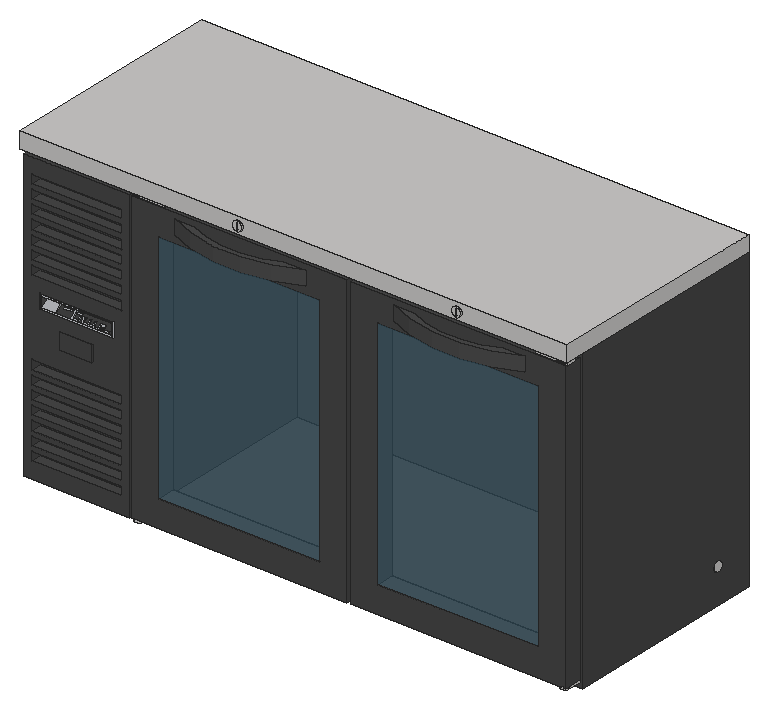
Revit family "QF_TRUE_TBR60-RISZ1-L-B-GG-1", category Specialty Equipment, Revit 2016
Family settings
  Part Type = Normal
  Round Connector Dimension = Use Diameter
  Work Plane-Based = No
  Always vertical = Yes
  Cut with Voids When Loaded = No
  Shared = No
  Room Calculation Point = No
Parameters (values of type "QF_TRUE_TBR60-RISZ1-L-B-GG-1")
  Weight in Pounds = 0
  Watts = if(Phase = 3, Volts * FL Amps * 1.73, Volts * FL Amps)  # 368 W
  Waste Water Discharge Temperature = -459.67 °F
  Volts = 115 V
  URL Cutsheet = ""
  Specification by User = ""
  Specification by Manufacturer = ""
  Show Logo [instance] = yes
  Show Standard Unit [instance] = yes
  Show Leg Levelers [instance] = no
  Show Seismic Flange [instance] = no
  Show 6 Inches Legs [instance] = no
  Show Clearance [instance] = yes
  Show 1 Inch Rollers [instance] = no
  Show 5 Inches Castors [instance] = no
  Show 4 Inches Castors [instance] = no
  Show 3 Inches Castors [instance] = no
  Show 2 Inches Castors [instance] = no
  Serial Number = ""
  Seismic Rating = ""
  SMACNA No = ""
  Revision Code = ""
  Plumbing Remarks = ""
  Plumbing Connection Type = ""
  Phase = 1
  Number of Poles = 1
  NAFEM Spec ID Number = ""
  Model = "TBR60-RISZ1-L-B-GG-1"
  Min Ckt Ampacity = 0 A
  Max Overcurrent Protection = 0 A
  Masterspec = ""
  Manufacturer = "TRUE"
  Length = 60"
  Item Number = ""
  Installed By = ""
  Indirect Waste Size = 1"
  Indirect Waste Flow = 0 GPM
  Indirect Waste Connection Type = ""
  Indirect Waste Connection Height = 0"
  Identify Quantity as Lot = yes
  Height [instance] = if(Show Standard Unit, 34 11/16", if(Show Leg Levelers, 34 15/16", if(Show 1 Inch Rollers, 35 9/16", if(Show 2 Inches Castors, 37 9/16", if(Show 3 Inches Castors, 38 9/16", if(Show 4 Inches Castors, 39 3/4", if(Show 5 Inches Castors, 40 3/4", if(Show 6 Inches Legs, 40 11/16", if(Show Seismic Flange, 40 11/16", 34 11/16")))))))))  # 34 11/16"
  HP = "1/4"
  Furnished By = ""
  Foodservice Equipment Identifier = yes
  FL Amps = 3.2 A
  Electrical Remarks = ""
  Electric Connection Type = ""
  Elec Conn RI Height = 0"
  Elec Conn Connection Height = 0"
  Description = "REACH-IN SINGLE ZONE REFRIGERATOR WITH LEFT SIDE REFRIGERATION SYSTEM. BLACK EXTERIOR AND GLASS SWING DOORS"
  Depth = 26 3/8"
  Cycle = 60 Hz
  Conn Plug = "NEMA 5-15P"
  Conn Conduit = yes
  CSI MasterFormat = ""
  Apparent Power = if(Phase = 3, Volts * FL Amps * 1.73, Volts * FL Amps)  # 368 VA
Reference planes (in)
  plane 1 "BACK": y = 0
  plane 2: z = 0
  plane 3 "LEFT": x = 0
  plane 4 "RIGHT": x = 60
  plane 5 "FRONT": y = -26.375
  plane 6 "TOP": z = 34.6875
  plane 7 "Center Y": x = 30
  plane 8 "Center X": y = -13.1875
  plane 9: y = -24.84375
  plane 10: y = -24.65625
  plane 11: y = -47.59375
  plane 12: z = 0
Dimensions and locks (in)
  equal spacing: plane 3 "LEFT", plane 7 "Center Y", plane 4 "RIGHT"
  "Length": plane 3 "LEFT" to plane 4 "RIGHT"
  equal spacing: plane 5 "FRONT", plane 8 "Center X", plane 1 "BACK"
  "Depth": plane 5 "FRONT" to plane 1 "BACK"
  "Height": plane 6 "TOP" to level
  plane 3 "LEFT" to plane 4 "RIGHT" = 60"
  plane 5 "FRONT" to plane 1 "BACK" = 26 3/8"
  plane 9 to plane 1 "BACK" = 24 27/32"
  plane 10 to plane 1 "BACK" = 24 21/32"
  plane 11 to plane 1 "BACK" = 47 19/32"
  locked: plane 6 "TOP" to plane 12 at 34.6875
  aligned and locked: level to plane 2
  aligned and locked: plane 6 "TOP" to nested 1
Nested families (in)
  nested 1: "TBR60-RISZ1-L-B-GG-1" at (0, 0, 0), Show Clearance <- "Show Clearance", Show Logo <- "Show Logo", type "TBR60-RISZ1-L-B-GG-1"
    with Show Logo yes, Show Clearance yes
  nested 2: "CASTORS & LEGS" at (4, -4, 0), Show 2 Inches Castors <- "Show 2 Inches Castors", Show 3 Inches Castors <- "Show 3 Inches Castors", Show 4 Inches Castors <- "Show 4 Inches Castors", Show 5 Inches Castors <- "Show 5 Inches Castors", Show Legs <- "Show 6 Inches Legs", Show Legs with Flandge <- "Show Seismic Flange", Show 1 Inch Rollers <- "Show 1 Inch Rollers", Show Leg Levelers <- "Show Leg Levelers", type "CASTORS & LEGS"
    with Type Mark "", Status "", Specification by User "", Show Legs with Flandge no, Show Legs no, Show Leg Levelers no, Show 5 Inches Castors no, Show 4 Inches Castors no, Show 3 Inches Castors no, Show 2 Inches Castors no, Show 1 Inch Rollers no, Revision Code "", Item Number "", Installed By "", Identify Quantity as Lot yes, Furnished By "", Foodservice Equipment Identifier yes
  nested 3: "CASTORS & LEGS" at (56, -4, 0), Show 2 Inches Castors <- "Show 2 Inches Castors", Show 3 Inches Castors <- "Show 3 Inches Castors", Show 4 Inches Castors <- "Show 4 Inches Castors", Show 5 Inches Castors <- "Show 5 Inches Castors", Show Legs <- "Show 6 Inches Legs", Show Legs with Flandge <- "Show Seismic Flange", Show 1 Inch Rollers <- "Show 1 Inch Rollers", Show Leg Levelers <- "Show Leg Levelers", type "CASTORS & LEGS"
    with Type Mark "", Status "", Specification by User "", Show Legs with Flandge no, Show Legs no, Show Leg Levelers no, Show 5 Inches Castors no, Show 4 Inches Castors no, Show 3 Inches Castors no, Show 2 Inches Castors no, Show 1 Inch Rollers no, Revision Code "", Item Number "", Installed By "", Identify Quantity as Lot yes, Furnished By "", Foodservice Equipment Identifier yes
  nested 4: "CASTORS & LEGS" at (4, -18.75, 0), Show 2 Inches Castors <- "Show 2 Inches Castors", Show 3 Inches Castors <- "Show 3 Inches Castors", Show 4 Inches Castors <- "Show 4 Inches Castors", Show 5 Inches Castors <- "Show 5 Inches Castors", Show Legs <- "Show 6 Inches Legs", Show Legs with Flandge <- "Show Seismic Flange", Show 1 Inch Rollers <- "Show 1 Inch Rollers", Show Leg Levelers <- "Show Leg Levelers", type "CASTORS & LEGS"
    with Type Mark "", Status "", Specification by User "", Show Legs with Flandge no, Show Legs no, Show Leg Levelers no, Show 5 Inches Castors no, Show 4 Inches Castors no, Show 3 Inches Castors no, Show 2 Inches Castors no, Show 1 Inch Rollers no, Revision Code "", Item Number "", Installed By "", Identify Quantity as Lot yes, Furnished By "", Foodservice Equipment Identifier yes
  nested 5: "CASTORS & LEGS" at (56, -18.75, 0), Show 2 Inches Castors <- "Show 2 Inches Castors", Show 3 Inches Castors <- "Show 3 Inches Castors", Show 4 Inches Castors <- "Show 4 Inches Castors", Show 5 Inches Castors <- "Show 5 Inches Castors", Show Legs <- "Show 6 Inches Legs", Show Legs with Flandge <- "Show Seismic Flange", Show 1 Inch Rollers <- "Show 1 Inch Rollers", Show Leg Levelers <- "Show Leg Levelers", type "CASTORS & LEGS"
    with Type Mark "", Status "", Specification by User "", Show Legs with Flandge no, Show Legs no, Show Leg Levelers no, Show 5 Inches Castors no, Show 4 Inches Castors no, Show 3 Inches Castors no, Show 2 Inches Castors no, Show 1 Inch Rollers no, Revision Code "", Item Number "", Installed By "", Identify Quantity as Lot yes, Furnished By "", Foodservice Equipment Identifier yes
Connectors (in)
  electrical at (6, 0.25, 18), driven by "Volts", driven by "Watts"
    settings: on nested 1, index 1, voltage 115 V, apparent load 368 VA, apparent load phase1 0 VA, apparent load phase2 0 VA, apparent load phase3 0 VA, power factor 1, load classification "Other", number of poles 1, system type 30, power factor state 1, is connector primary yes, connector utility no, sub classification motor no, connector description "ELECTRICAL CONNECTION"
  piping at (16.75, -4.72203, -0.125), diameter 2.25
    settings: on nested 1, index 2, connector inside diameter 24", connector length 0", flow factor 0, pipe flow 0 GPM, pressure drop 0.00 psi, fitting loss kfactor 0, connector angle 0.00°, fixture units 0, engagement length 0", angle of deflection 0.00°, flow configuration 1, flow direction 2, fitting loss method 0, system type 16, joint type 0, gender type 0, connector reference index -1, connector utility 0, adjustable connector no, is connector primary yes, connector description ""
  piping at (60.125, -4.3125, 3.96875), diameter 1
    settings: on nested 1, index 3, connector inside diameter 24", connector length 0", flow factor 0, pipe flow 0 GPM, pressure drop 0.00 psi, fitting loss kfactor 0, connector angle 0.00°, fixture units 0, engagement length 0", angle of deflection 0.00°, flow configuration 1, flow direction 1, fitting loss method 0, system type 22, joint type 0, gender type 0, connector reference index -1, connector utility 0, adjustable connector no, is connector primary no, connector description "CONDENSING UNIT"
  piping at (52.25, -4.34375, -0.125), diameter 1, driven by "Indirect Waste Flow", driven by "Indirect Waste Size"
    settings: on nested 1, index 4, connector inside diameter 24", connector length 0", flow factor 0, pipe flow 0 GPM, pressure drop 0.00 psi, fitting loss kfactor 0, connector angle 0.00°, fixture units 0, engagement length 0", angle of deflection 0.00°, flow configuration 1, flow direction 2, fitting loss method 0, system type 16, joint type 0, gender type 0, connector reference index -1, connector utility 0, adjustable connector no, is connector primary no, connector description "DRAIN"
Definition of nested family "TBR60-RISZ1-L-B-GG-1"
  Parameters (values of type "TBR60-RISZ1-L-B-GG-1")
    Weight in Pounds = 0
    URL Cutsheet = ""
    Specification by User = ""
    Specification by Manufacturer = ""
    Show Logo [instance] = yes
    Show Clearance [instance] = yes
    Serial Number = ""
    Seismic Rating = ""
    SMACNA No = ""
    Revision Code = ""
    NAFEM Spec ID Number = ""
    Model = ""
    Masterspec = ""
    Manufacturer = ""
    Length = 60"
    Item Number = ""
    Installed By = ""
    Identify Quantity as Lot = yes
    Height = 34 11/16"
    Furnished By = ""
    Foodservice Equipment Identifier = yes
    Description = ""
    Depth = 26 3/8"
    CSI MasterFormat = ""
  Reference planes (in)
    plane 1 "BACK": y = 0
    plane 2: z = 0
    plane 3 "LEFT": x = 0
    plane 4 "RIGHT": x = 60
    plane 5 "FRONT": y = -26.375
    plane 6 "TOP": z = 34.6875
    plane 7 "Center Y": x = 30
    plane 8 "Center X": y = -13.1875
    plane 9: y = -24.84375
    plane 10: y = -24.65625
    plane 11: y = -47.59375
  Forms (in)
    Extrusion 1, solid
      sketch origin (0, 0, 0) x (0, 1, 0) y (0, 0, 1)
        loop
          line (-24.84375, 34.6875) -> (-24.84375, 32.9375) -> (0, 32.9375) -> (0, 34.6875) -> (-24.84375, 34.6875)
      from 0 to 60
    Extrusion 2, solid
      sketch origin (0, 0, 0) x (1, 0, 0) y (0, 0, 1)
        loop
          line (0, 32.9375) -> (0, 0) -> (60, 0) -> (60, 32.9375) -> (0, 32.9375)
        loop
          line (12.09375, 32.46875) -> (12.09375, 0.78125) -> (59.75, 0.78125) -> (59.75, 32.46875) -> (12.09375, 32.46875)
      from 0 to 22.75
    Extrusion 3, solid
      sketch origin (0, 0, 0) x (-1, 0, 0) y (0, 0, 1)
        loop
          line (-12.09375, 32.46875) -> (-59.75, 32.46875) -> (-59.75, 0.78125) -> (-12.09375, 0.78125) -> (-12.09375, 32.46875)
      from 0 to -2
    Extrusion 4, solid
      sketch origin (0, -22.75, 0) x (1, 0, 0) y (0, 0, 1)
        loop
          line (0.25, 0.78125) -> (11.84375, 0.78125) -> (11.84375, 32.46875) -> (0.25, 32.46875) -> (0.25, 0.78125)
        loop
          line (1.125, 30.81709) -> (1.125, 29.81709) -> (10.96875, 29.81709) -> (10.96875, 30.81709) -> (1.125, 30.81709)
        loop
          line (1.125, 29.31709) -> (1.125, 28.31709) -> (10.96875, 28.31709) -> (10.96875, 29.31709) -> (1.125, 29.31709)
        loop
          line (1.125, 27.81709) -> (1.125, 26.81709) -> (10.96875, 26.81709) -> (10.96875, 27.81709) -> (1.125, 27.81709)
        loop
          line (1.125, 26.31709) -> (1.125, 25.31709) -> (10.96875, 25.31709) -> (10.96875, 26.31709) -> (1.125, 26.31709)
        loop
          line (1.125, 24.81709) -> (1.125, 23.81709) -> (10.96875, 23.81709) -> (10.96875, 24.81709) -> (1.125, 24.81709)
        loop
          line (1.125, 21.81709) -> (1.125, 20.81709) -> (10.96875, 20.81709) -> (10.96875, 21.81709) -> (1.125, 21.81709)
        loop
          line (1.125, 23.31709) -> (1.125, 22.31709) -> (10.96875, 22.31709) -> (10.96875, 23.31709) -> (1.125, 23.31709)
        loop
          line (1.125, 12.56709) -> (1.125, 11.56709) -> (10.96875, 11.56709) -> (10.96875, 12.56709) -> (1.125, 12.56709)
        loop
          line (1.125, 11.06709) -> (1.125, 10.06709) -> (10.96875, 10.06709) -> (10.96875, 11.06709) -> (1.125, 11.06709)
        loop
          line (1.125, 9.56709) -> (1.125, 8.56709) -> (10.96875, 8.56709) -> (10.96875, 9.56709) -> (1.125, 9.56709)
        loop
          line (1.125, 8.06709) -> (1.125, 7.06709) -> (10.96875, 7.06709) -> (10.96875, 8.06709) -> (1.125, 8.06709)
        loop
          line (1.125, 6.56709) -> (1.125, 5.56709) -> (10.96875, 5.56709) -> (10.96875, 6.56709) -> (1.125, 6.56709)
        loop
          line (1.125, 3.56709) -> (1.125, 2.56709) -> (10.96875, 2.56709) -> (10.96875, 3.56709) -> (1.125, 3.56709)
        loop
          line (1.125, 5.06709) -> (1.125, 4.06709) -> (10.96875, 4.06709) -> (10.96875, 5.06709) -> (1.125, 5.06709)
      from 0.125 to 1.90625
    Extrusion 5, solid
      sketch origin (0, -22.75, 0) x (1, 0, 0) y (0, 0, 1)
        loop
          line (12.09375, 0.78125) -> (35.71875, 0.78125) -> (35.71875, 32.46875) -> (12.09375, 32.46875) -> (12.09375, 0.78125)
        loop
          line (59.75, 0.78125) -> (59.75, 32.46875) -> (36.125, 32.46875) -> (36.125, 0.78125) -> (59.75, 0.78125)
        loop
          line (32.71875, 29.46875) -> (15.09375, 29.46875) -> (15.09375, 3.78125) -> (32.71875, 3.78125) -> (32.71875, 29.46875)
        loop
          line (56.75, 29.46875) -> (39.125, 29.46875) -> (39.125, 3.78125) -> (56.75, 3.78125) -> (56.75, 29.46875)
      from 0 to 1.90625
    Extrusion 6, solid
      sketch origin (0, -22.75, 0) x (1, 0, 0) y (0, 0, 1)
        loop
          line (39.125, 29.46875) -> (39.125, 3.78125) -> (56.75, 3.78125) -> (56.75, 29.46875) -> (39.125, 29.46875)
        loop
          line (15.09375, 29.46875) -> (15.09375, 3.78125) -> (32.71875, 3.78125) -> (32.71875, 29.46875) -> (15.09375, 29.46875)
      from 0 to 1.90625
    Extrusion 7, solid
      sketch origin (32.8125, -22.75, 32.46875) x (-1, 0, 0) y (0, -1, 0)
        loop
          arc (16.16831, 1.90625) -> (8.90625, 3.65113) -> (1.64419, 1.90625) r 15.9845
          line (1.64419, 1.90625) -> (3.9146, 1.90625)
          arc (3.9146, 1.90625) -> (8.90625, 3.15287) -> (13.8979, 1.90625) r 10.61701
          line (13.8979, 1.90625) -> (16.16831, 1.90625)
        loop
          arc (-7.86294, 1.90625) -> (-15.125, 3.65113) -> (-22.38706, 1.90625) r 15.9845
          line (-22.38706, 1.90625) -> (-20.11665, 1.90625)
          arc (-20.11665, 1.90625) -> (-15.125, 3.15287) -> (-10.13335, 1.90625) r 10.61701
          line (-10.13335, 1.90625) -> (-7.86294, 1.90625)
      from -2.11784 to -0.60631
    Extrusion 8, solid
      sketch origin (0.04324, -24.65625, 0) x (1, 0, 0) y (0, 0, 1)
        loop
          line (4.20676, 16.37472) -> (4.20676, 14.62472) -> (7.80051, 14.62472) -> (7.80051, 16.37472) -> (4.20676, 16.37472)
      from 0 to 0.125
    Extrusion 9, solid
      sketch origin (0, -24.84375, 34.4375) x (0, 0, 1) y (-1, 0, 0)
        loop
          circle (-0.65572, -23.90625) r 0.5
        loop
          line (-0.32569, -23.84362) -> (-0.96744, -23.84362) -> (-0.96744, -23.98332) -> (-0.32569, -23.98332) -> (-0.32569, -23.84362)
        loop
          circle (-0.65572, -47.9375) r 0.5
        loop
          line (-0.32569, -47.87487) -> (-0.96744, -47.87487) -> (-0.96744, -48.01457) -> (-0.32569, -48.01457) -> (-0.32569, -47.87487)
      from 0 to 0.125
    Extrusion 10, solid
      sketch origin (0, -22.75, 0) x (1, 0, 0) y (0, 0, 1)
        loop
          line (1.28286, 30.81709) -> (1.28286, 29.81709) -> (11.12661, 29.81709) -> (11.12661, 30.81709) -> (1.28286, 30.81709)
        loop
          line (1.28286, 29.31709) -> (1.28286, 28.31709) -> (11.12661, 28.31709) -> (11.12661, 29.31709) -> (1.28286, 29.31709)
        loop
          line (1.28286, 27.81709) -> (1.28286, 26.81709) -> (11.12661, 26.81709) -> (11.12661, 27.81709) -> (1.28286, 27.81709)
        loop
          line (1.28286, 26.31709) -> (1.28286, 25.31709) -> (11.12661, 25.31709) -> (11.12661, 26.31709) -> (1.28286, 26.31709)
        loop
          line (1.28286, 24.81709) -> (1.28286, 23.81709) -> (11.12661, 23.81709) -> (11.12661, 24.81709) -> (1.28286, 24.81709)
        loop
          line (1.28286, 21.81709) -> (1.28286, 20.81709) -> (11.12661, 20.81709) -> (11.12661, 21.81709) -> (1.28286, 21.81709)
        loop
          line (1.28286, 23.31709) -> (1.28286, 22.31709) -> (11.12661, 22.31709) -> (11.12661, 23.31709) -> (1.28286, 23.31709)
        loop
          line (1.28286, 12.56709) -> (1.28286, 11.56709) -> (11.12661, 11.56709) -> (11.12661, 12.56709) -> (1.28286, 12.56709)
        loop
          line (1.28286, 11.06709) -> (1.28286, 10.06709) -> (11.12661, 10.06709) -> (11.12661, 11.06709) -> (1.28286, 11.06709)
        loop
          line (1.28286, 9.56709) -> (1.28286, 8.56709) -> (11.12661, 8.56709) -> (11.12661, 9.56709) -> (1.28286, 9.56709)
        loop
          line (1.28286, 8.06709) -> (1.28286, 7.06709) -> (11.12661, 7.06709) -> (11.12661, 8.06709) -> (1.28286, 8.06709)
        loop
          line (1.28286, 6.56709) -> (1.28286, 5.56709) -> (11.12661, 5.56709) -> (11.12661, 6.56709) -> (1.28286, 6.56709)
        loop
          line (1.28286, 3.56709) -> (1.28286, 2.56709) -> (11.12661, 2.56709) -> (11.12661, 3.56709) -> (1.28286, 3.56709)
        loop
          line (1.28286, 5.06709) -> (1.28286, 4.06709) -> (11.12661, 4.06709) -> (11.12661, 5.06709) -> (1.28286, 5.06709)
      from 0.125 to 0.7394
    Extrusion 11, solid
      sketch origin (33.22341, -22.77627, 32.7789) x (1, 0, 0) y (0, 1, 0)
        loop
          line (26.54069, -1.96875) -> (26.50632, 0) -> (25.58853, 0) -> (25.55416, -1.96875) -> (26.54069, -1.96875)
        loop
          circle (26.09249, -1.43752) r 0.25
      from 0 to 0.1586
    Extrusion 12, solid
      sketch origin (59.97626, -22.16889, 0.78125) x (0, 1, 0) y (1, 0, 0)
        loop
          line (-0.60739, -1.14466) -> (-0.60739, -0.22626) -> (-2.06523, -0.25589)
          arc (-2.06523, -0.25589) -> (-2.48736, -0.68546) -> (-2.06523, -1.11503) r 0.42963
          line (-2.06523, -1.11503) -> (-0.60739, -1.14466)
        loop
          circle (-2.05773, -0.68546) r 0.25
      from 0 to 0.22057
    Extrusion 13, solid
      sketch origin (59.97626, -22.16889, 0.78125) x (0, 1, 0) y (1, 0, 0)
        loop
          circle (-2.05773, -0.68546) r 0.25
      from 0 to 0.29961
    Extrusion 14, solid
      sketch origin (33.22341, -22.16889, 32.46875) x (1, 0, 0) y (0, 1, 0)
        loop
          line (26.52659, -1.27764) -> (23.06149, -1.27764) -> (23.06149, -2.32875) -> (26.52659, -2.32875) -> (26.52659, -1.27764)
        loop
          circle (26.09113, -1.82353) r 0.25
        loop
          circle (24.44087, -1.81192) r 0.25
        loop
          circle (23.44087, -1.81192) r 0.25
      from 0 to 0.22057
    Extrusion 15, solid
      sketch origin (33.22341, -22.16889, 32.46875) x (1, 0, 0) y (0, 1, 0)
        loop
          circle (24.44087, -1.81192) r 0.25
        loop
          circle (23.44087, -1.81192) r 0.25
      from 0 to 0.31015
    Extrusion 16, solid
      sketch origin (59.97626, -22.16889, 0.78125) x (0, 1, 0) y (1, 0, 0)
        loop
          line (-0.60739, -1.14466) -> (-0.60739, -0.22626) -> (-2.06523, -0.25589)
          arc (-2.06523, -0.25589) -> (-2.48736, -0.68546) -> (-2.06523, -1.11503) r 0.42963
          line (-2.06523, -1.11503) -> (-0.60739, -1.14466)
        loop
          circle (-2.05773, -0.68546) r 0.25
      from 0 to 0.22057
    Extrusion 17, solid
      sketch origin (59.97626, -22.16889, 0.78125) x (0, 1, 0) y (1, 0, 0)
        loop
          circle (-2.05773, -0.68546) r 0.25
      from 0 to 0.29961
    Extrusion 18, solid
      sketch origin (33.22341, -22.16889, 32.9664) x (1, 0, 0) y (0, 1, 0)
        loop
          circle (26.09249, -1.82353) r 0.25
      from -0.0289 to -0.27708
    Extrusion 19, solid
      sketch origin (38.62034, -22.77627, 32.7789) x (-1, 0, 0) y (0, -1, 0)
        loop
          line (26.54069, 1.96875) -> (25.55416, 1.96875) -> (25.58853, 0) -> (26.50632, 0) -> (26.54069, 1.96875)
        loop
          circle (26.09249, 1.43752) r 0.25
      from 0 to 0.1586
    Extrusion 20, solid
      sketch origin (11.86749, -22.16889, 0.78125) x (0, -1, 0) y (-1, 0, 0)
        loop
          line (0.60739, -1.14466) -> (2.06523, -1.11503)
          arc (2.06523, -1.11503) -> (2.48736, -0.68546) -> (2.06523, -0.25589) r 0.42963
          line (2.06523, -0.25589) -> (0.60739, -0.22626) -> (0.60739, -1.14466)
        loop
          circle (2.05773, -0.68546) r 0.25
      from 0 to 0.22057
    Extrusion 21, solid
      sketch origin (11.86749, -22.16889, 0.78125) x (0, -1, 0) y (-1, 0, 0)
        loop
          circle (2.05773, -0.68546) r 0.25
      from 0 to 0.29961
    Extrusion 22, solid
      sketch origin (38.62034, -22.16889, 32.46875) x (-1, 0, 0) y (0, -1, 0)
        loop
          line (26.52659, 1.27764) -> (26.52659, 2.32875) -> (23.06149, 2.32875) -> (23.06149, 1.27764) -> (26.52659, 1.27764)
        loop
          circle (26.09113, 1.82353) r 0.25
        loop
          circle (24.44087, 1.81192) r 0.25
        loop
          circle (23.44087, 1.81192) r 0.25
      from 0 to 0.22057
    Extrusion 23, solid
      sketch origin (38.62034, -22.16889, 32.46875) x (-1, 0, 0) y (0, -1, 0)
        loop
          circle (24.44087, 1.81192) r 0.25
        loop
          circle (23.44087, 1.81192) r 0.25
      from 0 to 0.31015
    Extrusion 24, solid
      sketch origin (11.86749, -22.16889, 0.78125) x (0, -1, 0) y (-1, 0, 0)
        loop
          line (0.60739, -1.14466) -> (2.06523, -1.11503)
          arc (2.06523, -1.11503) -> (2.48736, -0.68546) -> (2.06523, -0.25589) r 0.42963
          line (2.06523, -0.25589) -> (0.60739, -0.22626) -> (0.60739, -1.14466)
        loop
          circle (2.05773, -0.68546) r 0.25
      from 0 to 0.22057
    Extrusion 25, solid
      sketch origin (11.86749, -22.16889, 0.78125) x (0, -1, 0) y (-1, 0, 0)
        loop
          circle (2.05773, -0.68546) r 0.25
      from 0 to 0.29961
    Extrusion 26, solid
      sketch origin (38.62034, -22.16889, 32.9664) x (-1, 0, 0) y (0, -1, 0)
        loop
          circle (26.09249, 1.82353) r 0.25
      from -0.0289 to -0.27708
    Extrusion 27, solid, visible <- "Show Clearance", detail levels coarse
      sketch origin (12, 0, 32.46875) x (0, -1, 0) y (-1, 0, 0)
        loop
          line (24.65625, -47.75) -> (47.59375, -47.75)
          arc (47.59375, -47.75) -> (40.87976, -31.32111) -> (24.65625, -24.125) r 23.76491
          line (24.65625, -24.125) -> (24.65625, -47.75)
        loop
          line (24.65625, -0.09375) -> (24.65625, -23.71875)
          arc (24.65625, -23.71875) -> (40.87976, -16.52264) -> (47.59375, -0.09375) r 23.76491
          line (47.59375, -0.09375) -> (24.65625, -0.09375)
      from 0 to 31.6875
    Extrusion 28, solid
      sketch origin (0, 0, 0) x (-1, 0, 0) y (0, 0, 1)
        loop
          line (0, 0) -> (0, 19.4375) -> (-10.96875, 19.4375) -> (-10.96875, 0) -> (0, 0)
      from 0 to 0.125
    Extrusion 29, solid
      sketch origin (0, 0, 0) x (-1, 0, 0) y (0, 0, 1)
        loop
          circle (-6, 18) r 0.5
        loop
          circle (-6, 21.75) r 0.5
      from 0 to 0.25
    Extrusion 30, solid
      sketch origin (48, 0, 0) x (0, 1, 0) y (1, 0, 0)
        loop
          circle (-4.72203, -31.25) r 1.125
        loop
          circle (-4.34375, 4.25) r 0.5
      from 0 to 0.125
    Extrusion 31, solid
      sketch origin (60, 0, 32.9375) x (0, 0, -1) y (0, 1, 0)
        loop
          circle (28.96875, -4.3125) r 0.5
      from 0 to 0.125
  Lines and regions (in)
    symbolic lines
      curve 1: line (60, 0, 0) -> (0, 0, 0)
      curve 2: line (60, -24.84375, 0) -> (60, 0, 0)
      curve 3: line (0, -24.84375, 0) -> (60, -24.84375, 0)
      curve 4: line (0, 0, 0) -> (0, -24.84375, 0)
      curve 5: arc (17.02421, -24.84375, 0) -> (23.90625, -26.40113, 0) -> (30.78829, -24.84375, 0) r 15.9845
      curve 6: arc (28.52876, -24.84375, 0) -> (23.90625, -25.90287, 0) -> (19.28374, -24.84375, 0) r 10.61701
      curve 7: arc (41.05546, -24.84375, 0) -> (47.9375, -26.40113, 0) -> (54.81954, -24.84375, 0) r 15.9845
      curve 8: arc (52.56001, -24.84375, 0) -> (47.9375, -25.90287, 0) -> (43.31499, -24.84375, 0) r 10.61701
      curve 9: line (12.07793, -24.84375, 0) -> (32.12498, -36.41792, 0)
      curve 10: arc (35.71148, -24.84375, 0) -> (34.66829, -30.86326, 0) -> (32.12498, -36.41792, 0) r 23.76491
      curve 11: line (59.76582, -24.84375, 0) -> (39.71877, -36.41792, 0)
      curve 12: arc (36.13227, -24.84375, 0) -> (37.17546, -30.86326, 0) -> (39.71877, -36.41792, 0) r 23.76491
  Dimensions and locks (in)
    equal spacing: plane 3 "LEFT", plane 7 "Center Y", plane 4 "RIGHT"
    "Length": plane 3 "LEFT" to plane 4 "RIGHT"
    equal spacing: plane 5 "FRONT", plane 8 "Center X", plane 1 "BACK"
    "Depth": plane 5 "FRONT" to plane 1 "BACK"
    "Height": plane 6 "TOP" to level
    plane 3 "LEFT" to plane 4 "RIGHT" = 60"
    plane 5 "FRONT" to plane 1 "BACK" = 26 3/8"
    plane 9 to plane 1 "BACK" = 24 27/32"
    plane 10 to plane 1 "BACK" = 24 21/32"
    plane 6 "TOP" to Extrusion 1 = 1 3/4"
    Extrusion 5 to level = 25/32"
    Extrusion 5 to Extrusion 5 = 31 11/16"
    Extrusion 6 to Extrusion 6 = 17 5/8"
    Extrusion 6 to Extrusion 6 = 25 11/16"
    Extrusion 5 to Extrusion 5 = 23 5/8"
    Extrusion 4 to Extrusion 4 = 11 19/32"
    plane 11 to plane 1 "BACK" = 47 19/32"
    Extrusion 30 sketch curve to plane 1 "BACK" = 4.72203"
    plane 3 "LEFT" to Extrusion 30 sketch curve = 16 3/4"
    Extrusion 30 sketch curve to plane 4 "RIGHT" = 7 3/4"
    Extrusion 30 sketch curve to plane 1 "BACK" = 4 11/32"
    aligned and locked: level to plane 2
  Automatic sketch dimensions
    Extrusion 1 sketch curve to plane 9 = 0"
    Extrusion 1 sketch curve to plane 1 "BACK" = 0"
    Extrusion 1 sketch curve to plane 6 "TOP" = 0"
    Extrusion 1 sketch curve to plane 6 "TOP" = 1 3/4"
    Extrusion 2 sketch curve to level = 0"
    Extrusion 2 sketch curve to plane 3 "LEFT" = 0"
    plane 4 "RIGHT" to Extrusion 2 sketch curve = 0"
    plane 4 "RIGHT" to Extrusion 2 sketch curve = 1/4"
    level to Extrusion 2 sketch curve = 25/32"
    Extrusion 2 sketch curve to plane 6 "TOP" = 2 7/32"
    Extrusion 2 sketch curve to plane 6 "TOP" = 1 3/4"
    Extrusion 3 sketch curve to Extrusion 2 = 0"  (x3)
    Extrusion 2 to Extrusion 3 sketch curve = 0"
    Extrusion 4 sketch curve to Extrusion 2 = 0"  (x2)
    Extrusion 4 sketch curve to Extrusion 2 = 1/4"  (x2)
    Extrusion 4 sketch curve to Extrusion 2 = 1 1/8"  (x8)
    Extrusion 4 sketch curve to Extrusion 4 sketch curve = 0"  (x20)
    Extrusion 2 to Extrusion 4 sketch curve = 1.78584"
    Extrusion 4 sketch curve to Extrusion 4 sketch curve = 1"  (x14)
    Extrusion 4 sketch curve to Extrusion 4 sketch curve = 1/2"  (x12)
    Extrusion 4 sketch curve to Extrusion 4 sketch curve = 8 1/4"
    Extrusion 5 sketch curve to Extrusion 2 = 0"  (x4)
    Extrusion 2 to Extrusion 5 sketch curve = 0"  (x2)
    Extrusion 5 sketch curve to Extrusion 5 sketch curve = 23 5/8"
    Extrusion 5 sketch curve to Extrusion 5 sketch curve = 13/32"
    Extrusion 5 to Extrusion 7 sketch curve = 0"  (x2)
    Extrusion 7 sketch curve to Extrusion 5 = 0"  (x2)
    Extrusion 7 sketch curve to Extrusion 5 = 19.48081"
    Extrusion 7 sketch curve to Extrusion 7 sketch curve = 2.2704"  (x2)
    Extrusion 7 sketch curve to Extrusion 5 = 12 7/32"
    Extrusion 7 sketch curve to Extrusion 7 sketch curve = 0"  (x2)
    Extrusion 5 to Extrusion 7 sketch curve = 4.55044"
    Extrusion 5 to Extrusion 7 sketch curve = 11 13/16"
    Extrusion 7 sketch curve to Extrusion 5 = 7.46414"  (x2)
    Extrusion 7 sketch curve to Extrusion 7 sketch curve = 4.86923"  (x2)
    Extrusion 4 to Extrusion 8 sketch curve = 3 1/8"  (x2)
    Extrusion 8 sketch curve to Extrusion 4 = 2.05764"
    Extrusion 8 sketch curve to Extrusion 8 sketch curve = 1 3/4"
    Extrusion 10 sketch curve to Extrusion 2 = 1.28286"  (x4)
    Extrusion 10 sketch curve to Extrusion 10 sketch curve = 0"  (x20)
    Extrusion 10 sketch curve to Extrusion 2 = 0.96714"  (x4)
    Extrusion 2 to Extrusion 10 sketch curve = 1.78584"
    Extrusion 10 sketch curve to Extrusion 10 sketch curve = 1"  (x14)
    Extrusion 10 sketch curve to Extrusion 10 sketch curve = 1/2"  (x12)
    Extrusion 10 sketch curve to Extrusion 10 sketch curve = 8 1/4"
    plane 10 to Extrusion 11 sketch curve = 0.08877"
    Extrusion 11 sketch curve to plane 10 = 0.44246"
    Extrusion 11 sketch curve to Extrusion 11 sketch curve = 1 7/16"
    Extrusion 12 sketch curve to Extrusion 12 sketch curve = 0"  (x3)
    Extrusion 12 sketch curve to plane 10 = 0.42214"  (x2)
    Extrusion 12 sketch curve to Extrusion 12 sketch curve = 0.0075"
    Extrusion 12 sketch curve to Extrusion 12 sketch curve = 1.45784"
    Extrusion 12 sketch curve to Extrusion 12 sketch curve = 0.42957"
    Extrusion 13 sketch curve to plane 10 = 0.42963"
    Extrusion 14 sketch curve to plane 10 = 0.67545"
    Extrusion 14 sketch curve to Extrusion 14 sketch curve = 1.65026"
    Extrusion 14 sketch curve to Extrusion 14 sketch curve = 1"
    Extrusion 14 sketch curve to Extrusion 14 sketch curve = 0.37938"
    Extrusion 14 sketch curve to plane 10 = 0.66383"
    Extrusion 14 sketch curve to plane 10 = 0.15862"
    Extrusion 14 sketch curve to Extrusion 14 sketch curve = 0.51683"
    Extrusion 14 sketch curve to Extrusion 14 sketch curve = 0.53428"
    Extrusion 15 sketch curve to plane 10 = 0.67545"  (x2)
    Extrusion 15 sketch curve to Extrusion 15 sketch curve = 1"
    Extrusion 16 sketch curve to Extrusion 16 sketch curve = 0"  (x3)
    Extrusion 16 sketch curve to plane 10 = 0.42214"  (x2)
    Extrusion 16 sketch curve to Extrusion 16 sketch curve = 0.0075"
    Extrusion 16 sketch curve to Extrusion 16 sketch curve = 1.45784"
    Extrusion 16 sketch curve to Extrusion 16 sketch curve = 0.42957"
    Extrusion 17 sketch curve to plane 10 = 0.42963"
    Extrusion 18 sketch curve to plane 10 = 0.66383"
    Extrusion 18 sketch curve to Extrusion 18 sketch curve = 1/4"
    plane 10 to Extrusion 19 sketch curve = 0.08877"
    Extrusion 19 sketch curve to Extrusion 19 sketch curve = 0.53832"
    Extrusion 19 sketch curve to plane 10 = 0.44246"
    Extrusion 19 sketch curve to Extrusion 19 sketch curve = 1 7/16"
    Extrusion 20 sketch curve to Extrusion 20 sketch curve = 0"  (x3)
    Extrusion 20 sketch curve to plane 10 = 1.87998"
    Extrusion 20 sketch curve to plane 10 = 0.42963"
    Extrusion 20 sketch curve to plane 10 = 0.42214"  (x2)
    Extrusion 20 sketch curve to Extrusion 20 sketch curve = 0.42957"
    Extrusion 20 sketch curve to Extrusion 20 sketch curve = 0.91839"
    Extrusion 21 sketch curve to plane 10 = 0.42963"
    Extrusion 22 sketch curve to plane 10 = 0.15862"
    Extrusion 22 sketch curve to Extrusion 22 sketch curve = 0.37938"
    Extrusion 22 sketch curve to Extrusion 22 sketch curve = 1"
    Extrusion 22 sketch curve to plane 10 = 0.66383"
    Extrusion 22 sketch curve to Extrusion 22 sketch curve = 0.51683"
    Extrusion 22 sketch curve to plane 10 = 0.67545"
    Extrusion 22 sketch curve to Extrusion 22 sketch curve = 0.5459"
    Extrusion 23 sketch curve to plane 10 = 0.67545"  (x2)
    Extrusion 23 sketch curve to Extrusion 23 sketch curve = 1"
    Extrusion 24 sketch curve to Extrusion 24 sketch curve = 0"  (x3)
    Extrusion 24 sketch curve to plane 10 = 1.87998"
    Extrusion 24 sketch curve to plane 10 = 0.42963"
    Extrusion 24 sketch curve to plane 10 = 0.42214"  (x2)
    Extrusion 24 sketch curve to Extrusion 24 sketch curve = 0.42957"
    Extrusion 24 sketch curve to Extrusion 24 sketch curve = 0.91839"
    Extrusion 25 sketch curve to plane 10 = 0.42963"
    Extrusion 26 sketch curve to plane 10 = 0.66383"
    Extrusion 26 sketch curve to Extrusion 26 sketch curve = 1/4"
    Extrusion 2 to Extrusion 6 sketch curve = 3"  (x6)
    Extrusion 6 sketch curve to Extrusion 6 sketch curve = 17 5/8"
    Extrusion 6 sketch curve to Extrusion 6 sketch curve = 6 13/32"
    Extrusion 2 to Extrusion 5 sketch curve = 3"  (x6)
    Extrusion 5 sketch curve to Extrusion 5 sketch curve = 3"  (x2)
    plane 4 "RIGHT" to Extrusion 11 sketch curve = 1.22243"
    plane 4 "RIGHT" to Extrusion 11 sketch curve = 1.18806"
    plane 4 "RIGHT" to Extrusion 11 sketch curve = 0.6841"
    plane 4 "RIGHT" to Extrusion 11 sketch curve = 0.27027"
    plane 4 "RIGHT" to Extrusion 11 sketch curve = 0.2359"
    plane 4 "RIGHT" to Extrusion 12 sketch curve = 1/4"
    plane 4 "RIGHT" to Extrusion 12 sketch curve = 0.27963"
    Extrusion 12 sketch curve to Extrusion 12 sketch curve = 0.91839"
    plane 4 "RIGHT" to Extrusion 13 sketch curve = 0.7092"
    plane 4 "RIGHT" to Extrusion 14 sketch curve = 3.7151"
    plane 4 "RIGHT" to Extrusion 14 sketch curve = 1/4"
    plane 4 "RIGHT" to Extrusion 15 sketch curve = 3.33572"
    plane 4 "RIGHT" to Extrusion 16 sketch curve = 1/4"
    plane 4 "RIGHT" to Extrusion 16 sketch curve = 0.27963"
    Extrusion 16 sketch curve to Extrusion 16 sketch curve = 0.91839"
    plane 4 "RIGHT" to Extrusion 17 sketch curve = 0.7092"
    Extrusion 18 sketch curve to Extrusion 18 sketch curve = 0"
    plane 4 "RIGHT" to Extrusion 18 sketch curve = 0.6841"
    Extrusion 19 sketch curve to Extrusion 19 sketch curve = 0.50396"
    Extrusion 19 sketch curve to Extrusion 19 sketch curve = 0.91779"
    Extrusion 19 sketch curve to Extrusion 19 sketch curve = 0.4482"
    Extrusion 20 sketch curve to Extrusion 20 sketch curve = 0.02963"
    Extrusion 22 sketch curve to Extrusion 22 sketch curve = 1.65026"
    Extrusion 22 sketch curve to Extrusion 22 sketch curve = 0.43546"
    Extrusion 24 sketch curve to Extrusion 24 sketch curve = 0.02963"
    plane 3 "LEFT" to Extrusion 2 sketch curve = 12 3/32"
    plane 3 "LEFT" to Extrusion 19 sketch curve = 13.06618"
    plane 3 "LEFT" to Extrusion 20 sketch curve = 12 3/32"
    plane 3 "LEFT" to Extrusion 21 sketch curve = 12.55295"
    Extrusion 22 sketch curve to plane 7 "Center Y" = 14.44115"
    Extrusion 23 sketch curve to plane 7 "Center Y" = 14.82053"
    plane 3 "LEFT" to Extrusion 24 sketch curve = 12 3/32"
    plane 3 "LEFT" to Extrusion 25 sketch curve = 12.55295"
    Extrusion 26 sketch curve to Extrusion 26 sketch curve = 0"
    plane 3 "LEFT" to Extrusion 26 sketch curve = 12.52785"
    Extrusion 9 sketch curve to Extrusion 1 = 0.53256"  (x2)
    Extrusion 9 sketch curve to Extrusion 9 sketch curve = 0.31172"  (x2)
    Extrusion 9 sketch curve to Extrusion 9 sketch curve = 0.33003"  (x2)
    Extrusion 1 to Extrusion 9 sketch curve = 11.98543"
    Extrusion 9 sketch curve to Extrusion 9 sketch curve = 0.07707"  (x2)
    Extrusion 9 sketch curve to Extrusion 9 sketch curve = 0.1397"  (x2)
    Extrusion 9 sketch curve to Extrusion 9 sketch curve = 23.89155"
    Extrusion 27 sketch curve to Extrusion 2 = 0"  (x2)
    Extrusion 2 to Extrusion 27 sketch curve = 0.12552"  (x2)
    Extrusion 2 to Extrusion 27 sketch curve = 1.07917"  (x2)
    Extrusion 2 to Extrusion 27 sketch curve = 1 29/32"
    Extrusion 27 sketch curve to Extrusion 27 sketch curve = 0"
    Extrusion 27 sketch curve to Extrusion 27 sketch curve = 22 15/16"  (x2)
    Extrusion 28 sketch curve to level = 0"
    Extrusion 28 sketch curve to plane 3 "LEFT" = 0"
    plane 3 "LEFT" to Extrusion 28 sketch curve = 10 31/32"
    Extrusion 28 sketch curve to plane 6 "TOP" = 15 1/4"
    plane 3 "LEFT" to Extrusion 29 sketch curve = 6"
    Extrusion 29 sketch curve to Extrusion 29 sketch curve = 0"
    Extrusion 29 sketch curve to plane 6 "TOP" = 16 11/16"
    Extrusion 29 sketch curve to Extrusion 29 sketch curve = 3 3/4"
    Extrusion 2 to Extrusion 31 sketch curve = 3 31/32"
    Extrusion 2 to Extrusion 31 sketch curve = 4 5/16"
    plane 1 "BACK" to curve 1 = 0"
    curve 1 to plane 3 "LEFT" = 0"
    curve 9 to plane 9 = 0"
    curve 2 to plane 4 "RIGHT" = 0"
    curve 10 to plane 10 = 0.82708"
    plane 3 "LEFT" to curve 10 = 11.96823"
    curve 6 to plane 8 "Center X" = 2.09836"
    curve 6 to plane 7 "Center Y" = 6 3/32"
    curve 5 to curve 6 = 0"
    plane 7 "Center Y" to curve 9 = 2 1/8"
    curve 10 to curve 11 = 7.59379"
    plane 8 "Center X" to curve 7 = 2.77087"
    plane 4 "RIGHT" to curve 7 = 12 1/16"
    curve 8 to plane 8 "Center X" = 2.09836"
    curve 8 to curve 7 = 0"
    plane 4 "RIGHT" to curve 12 = 0.12448"
    plane 5 "FRONT" to curve 11 = 10.04292"
    curve 9 to curve 11 = 0"
    curve 12 to plane 10 = 0.82708"
    plane 8 "Center X" to curve 5 = 2.77087"
    curve 10 to curve 9 = 0.10969"
    curve 9 to curve 5 = 4.94628"
    curve 5 to curve 6 = 2.25953"
    curve 12 to curve 7 = 4.92319"
    curve 7 to curve 8 = 2.25953"
    plane 4 "RIGHT" to curve 11 = 0.23418"
    radius of Extrusion 11 sketch curve = 1/4"
    radius of Extrusion 12 sketch curve = 1/4"
    radius of Extrusion 13 sketch curve = 1/4"
    radius of Extrusion 14 sketch curve = 1/4"  (x3)
    radius of Extrusion 15 sketch curve = 1/4"  (x2)
    radius of Extrusion 16 sketch curve = 1/4"
    radius of Extrusion 17 sketch curve = 1/4"
    radius of Extrusion 19 sketch curve = 1/4"
    radius of Extrusion 20 sketch curve = 1/4"
    radius of Extrusion 21 sketch curve = 1/4"
    radius of Extrusion 22 sketch curve = 1/4"  (x3)
    radius of Extrusion 23 sketch curve = 1/4"  (x2)
    radius of Extrusion 24 sketch curve = 1/4"
    radius of Extrusion 25 sketch curve = 1/4"
    radius of Extrusion 9 sketch curve = 1/2"  (x2)
    radius of Extrusion 29 sketch curve = 1/2"  (x2)
    radius of Extrusion 30 sketch curve = 1 1/8"
    radius of Extrusion 30 sketch curve = 1/2"
    radius of Extrusion 31 sketch curve = 1/2"
  Nested families (in)
    nested 1: "QF_LOGO_TRUE" at (1.99687, -24.65625, 17.85445), Show Logo <- "Show Logo", type "QF_LOGO_TRUE", detail levels medium+fine
      with Show Logo yes
  Definition of nested family "QF_LOGO_TRUE"
    Parameters (values of type "QF_LOGO_TRUE")
      Show Logo [instance] = yes
    Reference planes (in)
      plane 1 "Center (Front/Back)": y = 0
      plane 2: z = 0
      plane 3 "Center (Left/Right)": x = 0
    Forms (in)
      Extrusion 1, solid, visible <- "Show Logo", detail levels medium+fine
        sketch origin (-78.34647, 34.76905, -30.51001) x (1, 0, 0) y (0, 0, 1)
          loop
            line (81.15226, 31.65456) -> (81.07353, 31.48573) -> (82.12083, 31.48573)
            arc (82.12083, 31.48573) -> (82.14208, 31.44814) -> (82.12083, 31.41055) r 0.04386
            line (82.12083, 31.41055) -> (81.84767, 30.82478)
            arc (81.84767, 30.82478) -> (81.84531, 30.77052) -> (81.882, 30.73048) r 0.07096
            line (81.882, 30.73048) -> (82.55165, 30.73048)
            arc (82.55165, 30.73048) -> (82.63621, 30.75714) -> (82.69019, 30.82748) r 0.14742
            line (82.69019, 30.82748) -> (82.90515, 31.28847) -> (83.10265, 31.28847)
            arc (83.10265, 31.28847) -> (83.15447, 31.26942) -> (83.14697, 31.21472) r 0.04405
            line (83.14697, 31.21472) -> (82.9671, 30.82899)
            arc (82.9671, 30.82899) -> (82.9699, 30.76493) -> (83.02398, 30.73048) r 0.06943
            line (83.02398, 30.73048) -> (83.6124, 30.73048)
            arc (83.6124, 30.73048) -> (83.65748, 30.74689) -> (83.68147, 30.78844) r 0.07014
            arc (83.68147, 30.78844) -> (83.69845, 30.74745) -> (83.73943, 30.73048) r 0.05796
            line (83.73943, 30.73048) -> (84.112, 30.73048)
            arc (84.112, 30.73048) -> (84.15504, 30.74201) -> (84.18655, 30.77352) r 0.08608
            arc (84.18655, 30.77352) -> (84.20164, 30.7371) -> (84.23806, 30.72202) r 0.0515
            line (84.23806, 30.72202) -> (84.76757, 30.72202)
            arc (84.76757, 30.72202) -> (84.81086, 30.73995) -> (84.8288, 30.78324) r 0.06122
            arc (84.8288, 30.78324) -> (84.86848, 30.74355) -> (84.92269, 30.72903) r 0.10842
            line (84.92269, 30.72903) -> (85.91461, 30.72903) -> (86.02479, 30.91987) -> (85.0243, 30.91987)
            arc (85.0243, 30.91987) -> (84.99669, 30.93902) -> (84.99566, 30.97261) r 0.03732
            line (84.99566, 30.97261) -> (85.01297, 31.00972)
            arc (85.01297, 31.00972) -> (85.03954, 31.04453) -> (85.0813, 31.05774) r 0.07263
            line (85.0813, 31.05774) -> (85.40289, 31.05774)
            arc (85.40289, 31.05774) -> (85.4723, 31.07633) -> (85.52311, 31.12715) r 0.13882
            line (85.52311, 31.12715) -> (85.61625, 31.28847)
            arc (85.61625, 31.28847) -> (85.61625, 31.37458) -> (85.54168, 31.41763) r 0.08611
            line (85.54168, 31.41763) -> (85.20227, 31.41763)
            arc (85.20227, 31.41763) -> (85.11574, 31.40294) -> (85.05538, 31.33923) r 0.13863
            line (85.05538, 31.33923) -> (84.89409, 30.99333)
            arc (84.89409, 30.99333) -> (84.84649, 30.9313) -> (84.77191, 30.90778) r 0.13002
            line (84.77191, 30.90778) -> (84.41984, 30.90778)
            arc (84.41984, 30.90778) -> (84.3777, 30.95378) -> (84.38042, 31.0161) r 0.08151
            line (84.38042, 31.0161) -> (84.56766, 31.41763) -> (84.44849, 31.41763) -> (84.25012, 30.99222)
            arc (84.25012, 30.99222) -> (84.21158, 30.94199) -> (84.15119, 30.92296) r 0.10527
            line (84.15119, 30.92296) -> (83.90842, 30.92296)
            arc (83.90842, 30.92296) -> (83.8674, 30.97642) -> (83.87619, 31.04323) r 0.08805
            line (83.87619, 31.04323) -> (84.05078, 31.41763) -> (83.92772, 31.41763) -> (83.72676, 30.98668)
            arc (83.72676, 30.98668) -> (83.68011, 30.94003) -> (83.61639, 30.92296) r 0.12745
            line (83.61639, 30.92296) -> (83.26484, 30.92296)
            arc (83.26484, 30.92296) -> (83.2017, 30.9524) -> (83.19563, 31.0218) r 0.06967
            line (83.19563, 31.0218) -> (83.31118, 31.26961) -> (83.47452, 31.26961)
            arc (83.47452, 31.26961) -> (83.50209, 31.35268) -> (83.56075, 31.41763) r 0.21289
            line (83.56075, 31.41763) -> (82.92244, 31.41763)
            arc (82.92244, 31.41763) -> (82.85151, 31.40191) -> (82.80242, 31.34834) r 0.12081
            line (82.80242, 31.34834) -> (82.6294, 30.9773)
            arc (82.6294, 30.9773) -> (82.58962, 30.93752) -> (82.53528, 30.92296) r 0.10869
            line (82.53528, 30.92296) -> (82.1542, 30.92296)
            arc (82.1542, 30.92296) -> (82.12446, 30.96315) -> (82.13012, 31.01283) r 0.06822
            line (82.13012, 31.01283) -> (82.38156, 31.48573) -> (83.01596, 31.48573) -> (83.09469, 31.65456) -> (82.46029, 31.65456) -> (82.53902, 31.8234) -> (82.31334, 31.8234) -> (82.23461, 31.65456) -> (81.15226, 31.65456)
          loop
            arc (85.15937, 31.26434) -> (85.13191, 31.25698) -> (85.1118, 31.23688) r 0.05494
            line (85.1118, 31.23688) -> (85.09547, 31.18665)
            arc (85.09547, 31.18665) -> (85.10304, 31.16837) -> (85.12133, 31.16079) r 0.02586
            line (85.12133, 31.16079) -> (85.39889, 31.16079)
            arc (85.39889, 31.16079) -> (85.41888, 31.16523) -> (85.43513, 31.1777) r 0.04731
            line (85.43513, 31.1777) -> (85.44863, 31.2402)
            arc (85.44863, 31.2402) -> (85.44466, 31.25693) -> (85.42914, 31.26434) r 0.01994
            line (85.42914, 31.26434) -> (85.15937, 31.26434)
          loop
            line (78.62961, 30.74125) -> (80.12032, 30.74125) -> (80.73891, 31.81268) -> (79.2482, 31.81268) -> (78.62961, 30.74125)
        from 34.76797 to 34.83173
      Extrusion 2, solid, visible <- "Show Logo", detail levels medium+fine
        sketch origin (-142.84857, 34.75108, -33.3546) x (1, 0, 0) y (0, 0, 1)
          loop
            line (150.81107, 34.71978) -> (142.98607, 34.71978) -> (142.98607, 33.4921) -> (150.81107, 33.4921) -> (150.81107, 34.71978)
        from 34.75108 to 34.78125
      Extrusion 3, solid, visible <- "Show Logo", detail levels medium+fine
        sketch origin (-142.84857, 34.75108, -33.3546) x (1, 0, 0) y (0, 0, 1)
          loop
            line (150.94857, 34.85727) -> (142.84857, 34.85727) -> (142.84857, 33.3546) -> (150.94857, 33.3546) -> (150.94857, 34.85727)
          loop
            line (142.98607, 34.71978) -> (142.98607, 33.4921) -> (150.81107, 33.4921) -> (150.81107, 34.71978) -> (142.98607, 34.71978)
        from 34.75108 to 34.81376
    Dimensions and locks (in)
      aligned and locked: level to plane 2
      aligned and locked: Extrusion 2 to Extrusion 3  (x2)
      aligned and locked: Extrusion 2 sketch curve to Extrusion 3
Definition of nested family "CASTORS & LEGS"
  Parameters (values of type "CASTORS & LEGS")
    Weight = ""
    URL Manufacturer = ""
    URL Cutsheet = ""
    URL = ""
    Type Mark [instance] = ""
    Status [instance] = ""
    Specification by User [instance] = ""
    Specification by Manufacturer = ""
    Show Legs with Flandge [instance] = yes
    Show Legs [instance] = yes
    Show Leg Levelers [instance] = yes
    Show 1 Inch Rollers [instance] = yes
    Show 5 Inches Castors [instance] = yes
    Show 4 Inches Castors [instance] = yes
    Show 3 Inches Castors [instance] = yes
    Show 2 Inches Castors [instance] = yes
    Serial Number = ""
    Seismic Rating = ""
    SMACNA No = ""
    Revision Code [instance] = ""
    Omniclass Number and Title = ""
    NAFEM Spec ID Number = ""
    Model = ""
    MasterSpec. = ""
    Manufacturer = ""
    Item Number [instance] = ""
    Installed By [instance] = ""
    Identify Quantity as Lot [instance] = yes
    Furnished By [instance] = ""
    Foodservice Equipment Identifier [instance] = yes
    Description = ""
    CSI MasterFormat = ""
    CSI Master Format = ""
    Assembly Code = ""
  Reference planes (in)
    plane 1: z = 0
    plane 2 "RIGHT": x = 0
    plane 3 "FRONT": y = 0
    plane 4 "TOP": z = 4
    plane 5: z = 5.75
    plane 6: z = 6
    plane 7: z = 0.875
  Forms (in)
    Revolve 1, solid, visible <- "Show Legs"
      sketch origin (11.12172, 0, 0) x (-1, 0, 0) y (0, 0, -1)
        loop
          line (11.12172, -6) -> (11.12172, 0) -> (10.62172, 0) -> (10.62172, -0.5) -> (10.37172, -0.5) -> (10.37172, -6) -> (11.12172, -6)
        axis (11.12172, 0) -> (11.12172, -6)
      angle from 0 to 360
    Revolve 2, solid, visible <- "Show Legs with Flandge"
      sketch origin (11.12172, 0, 0) x (-1, 0, 0) y (0, 0, -1)
        loop
          line (11.12172, -6) -> (11.12172, 0) -> (9.87172, 0) -> (9.87172, -0.25) -> (10.62172, -0.25) -> (10.62172, -0.5) -> (10.37172, -0.5) -> (10.37172, -6) -> (11.12172, -6)
        axis (11.12172, 0) -> (11.12172, -6)
      angle from 0 to 360
    Extrusion 3, solid, visible <- "Show Leg Levelers"
      sketch origin (0, 0, 0) x (1, 0, 0) y (0, 1, 0)
        loop
          circle (0, 0) r 0.75
      from 0 to 0.25
  Dimensions and locks (in)
    plane 4 "TOP" to level = 4"  (x2)
    locked: Revolve 1 sketch curve to Revolve 1 sketch curve at 0.5
    locked: Revolve 1 sketch curve to Revolve 1 sketch curve at 0.75
    locked: Revolve 2 sketch curve to Revolve 2 sketch curve at 0.75
    plane 5 to level = 5 3/4"
    plane 6 to plane 1 = 6"
    nested 1 to plane 1 = 3 1/8"
    nested 3 to level = 5"
    aligned and locked: level to plane 1
  Nested families (in)
    nested 1: "3 INCHES 01_CASTER" at (0, 0, 0), visible <- "Show 2 Inches Castors", type "3 INCHES 01_CASTER"
      with Type Mark "", Specification by User "", Revision Code "", Item Number "", Installed By "", Identify Quantity as Lot yes, Furnished By "", Foodservice Equipment Identifier yes, 3 Inches Caster yes
    nested 2: "HATCO_4 INCHES_CASTER" at (0, -0.75, 0), Show 4 Inches Caster <- "Show 3 Inches Castors", type "HATCO_4 INCHES_CASTER"
      with Type Mark "", Specification by User "", Show 4 Inches Caster yes, Revision Code "", Item Number "", Installed By "", Identify Quantity as Lot yes, Furnished By "", Foodservice Equipment Identifier yes
    nested 3: "5 INCHES 01_CASTER" at (0, 0, 0), visible <- "Show 4 Inches Castors", type "5 INCHES 01_CASTER"
      with Type Mark "", Specification by User "", Show 5" Casters yes, Revision Code "", Key Locks yes, Item Number "", Installed By "", Identify Quantity as Lot yes, Furnished By "", Foodservice Equipment Identifier yes
    nested 4: "7-8 INCHES_CASTER" at (0, 0, 0), visible <- "Show 1 Inch Rollers", type "7-8 INCHES_CASTER"
      with Type Mark "", Specification by User "", Revision Code "", Item Number "", Installed By "", Identify Quantity as Lot yes, Furnished By "", Foodservice Equipment Identifier yes, 2.5 Inches Caster yes
    nested 5: "6 INCHES 02_CASTER" at (0, 0, 0), visible <- "Show 5 Inches Castors", Show Casters <- "Show 5 Inches Castors", type "6 INCHES 02_CASTER"
      with Type Mark "", Specification by User "", Show Casters yes, Revision Code "", Item Number "", Installed By "", Identify Quantity as Lot yes, Furnished By "", Foodservice Equipment Identifier yes
  Definition of nested family "3 INCHES 01_CASTER"
    Parameters (values of type "3 INCHES 01_CASTER")
      Weight = ""
      URL Manufacturer = ""
      URL Cutsheet = ""
      URL = ""
      Type Mark [instance] = ""
      Specification by User [instance] = ""
      Specification by Manufacturer = ""
      Serial Number = ""
      Seismic Rating = ""
      SMACNA No = ""
      Revision Code [instance] = ""
      Omniclass Number and Title = ""
      NAFEM Spec ID Number = ""
      Model = ""
      MasterSpec. = ""
      Manufacturer = ""
      Item Number [instance] = ""
      Installed By [instance] = ""
      Identify Quantity as Lot [instance] = yes
      Furnished By [instance] = ""
      Foodservice Equipment Identifier [instance] = yes
      Description = ""
      CSI MasterFormat = ""
      CSI Master Format = ""
      Assembly Code = ""
      3 Inches Caster [instance] = yes
    Reference planes (in)
      plane 1: z = 0
      plane 2 "RIGHT": x = 0
      plane 3 "FRONT": y = 0
      plane 4 "TOP": z = 3.125
    Forms (in)
      Revolve 1, solid, visible <- "3 Inches Caster"
        sketch origin (-1.93794, 0.56004, -1.0041) x (1, 0, 0) y (0, 0, 1)
          loop
            line (0.74055, 2.11347) -> (0.74055, 2.03797) -> (0.79055, 1.98797) -> (0.85055, 1.98797) -> (0.85055, 1.8679) -> (1.235, 1.8679) -> (1.235, 1.7068) -> (1.36441, 1.63209) -> (1.4003, 1.41035) -> (1.34375, 1.41035) -> (1.34375, 1.28535) -> (1.375, 1.28535) -> (1.375, 1.0041) -> (2.48438, 1.0041) -> (2.48438, 1.28535) -> (2.51563, 1.28535) -> (2.51563, 1.41035) -> (2.45908, 1.41035) -> (2.49553, 1.6356) -> (2.62438, 1.70999) -> (2.62438, 1.8679) -> (3.04007, 1.8679) -> (3.04007, 1.98797) -> (3.10007, 1.98797) -> (3.15007, 2.03797) -> (3.15007, 2.11347) -> (0.74055, 2.11347)
          axis (0.74055, 2.11347) -> (3.15007, 2.11347)
        angle from 0 to 360
      Extrusion 2, solid, visible <- "3 Inches Caster"
        sketch origin (-1.93794, 1.35294, -3.2541) x (0, 1, 0) y (0, 0, 1)
          loop
            line (-0.41094, 5.86793) -> (-0.41094, 6.01276) -> (-2.29494, 6.01276) -> (-2.29494, 5.71244) -> (-1.82301, 5.71244)
            arc (-1.82301, 5.71244) -> (-1.00307, 5.59865) -> (-0.19592, 5.41488) r 9.6332
            arc (-0.19592, 5.41488) -> (0.12646, 5.29481) -> (0.42224, 5.11916) r 1.92059
            line (0.42224, 5.11916) -> (0.51314, 5.245)
            arc (0.51314, 5.245) -> (0.27353, 5.42569) -> (0.01201, 5.5729) r 2.25036
            line (0.01201, 5.5729) -> (0.09371, 5.71426)
            arc (0.09371, 5.71426) -> (-0.15272, 5.81043) -> (-0.41094, 5.86793) r 1.73151
        from 1.17357 to 2.70231
      Revolve 3, solid, visible <- "3 Inches Caster"
        sketch origin (0, 1.73858, -3.25) x (0, 1, 0) y (0, 0, 1)
          loop
            line (-1.73858, 6.375) -> (-1.73858, 6.00866) -> (-0.93293, 6.00866) -> (-0.93293, 6.375) -> (-1.73858, 6.375)
          axis (-1.73858, 6.00866) -> (-1.73858, 6.375)
        angle from 0 to 360
      Extrusion 4, solid, visible <- "3 Inches Caster"
        sketch origin (-1.98481, 1.35294, -1.7541) x (0, 1, 0) y (0, 0, 1)
          loop
            line (-2.29494, 4.51276) -> (-2.29494, 4.21244) -> (-2.2074, 4.21244)
            arc (-2.2074, 4.21244) -> (-1.58796, 3.87196) -> (-1.3103, 3.22193) r 1.0835
            arc (-1.3103, 3.22193) -> (-1.27304, 2.98711) -> (-1.19616, 2.76214) r 1.38462
            arc (-1.19616, 2.76214) -> (-0.77704, 2.49744) -> (-0.37393, 2.78593) r 0.44401
            arc (-0.37393, 2.78593) -> (-0.35491, 2.84407) -> (-0.34077, 2.90358) r 0.74034
            arc (-0.34077, 2.90358) -> (-0.07302, 3.38916) -> (0.4279, 3.62699) r 0.90376
            line (0.4279, 3.62699) -> (0.51314, 3.745)
            arc (0.51314, 3.745) -> (0.27353, 3.92569) -> (0.01201, 4.0729) r 2.25036
            line (0.01201, 4.0729) -> (0.09371, 4.21426)
            arc (0.09371, 4.21426) -> (-0.15272, 4.31043) -> (-0.41094, 4.36793) r 1.73151
            line (-0.41094, 4.36793) -> (-0.41094, 4.51276) -> (-2.29494, 4.51276)
        from 2.74918 to 2.90825
      Extrusion 5, solid, visible <- "3 Inches Caster"
        sketch origin (1.98481, 1.35294, -1.7541) x (0, 1, 0) y (0, 0, -1)
          loop
            line (-2.29494, -4.51276) -> (-0.41094, -4.51276) -> (-0.41094, -4.36793)
            arc (-0.41094, -4.36793) -> (-0.15272, -4.31043) -> (0.09371, -4.21426) r 1.73151
            line (0.09371, -4.21426) -> (0.01201, -4.0729)
            arc (0.01201, -4.0729) -> (0.27353, -3.92569) -> (0.51314, -3.745) r 2.25036
            line (0.51314, -3.745) -> (0.4279, -3.62699)
            arc (0.4279, -3.62699) -> (-0.07302, -3.38916) -> (-0.34077, -2.90358) r 0.90376
            arc (-0.34077, -2.90358) -> (-0.35491, -2.84407) -> (-0.37393, -2.78593) r 0.74034
            arc (-0.37393, -2.78593) -> (-0.77704, -2.49744) -> (-1.19616, -2.76214) r 0.44401
            arc (-1.19616, -2.76214) -> (-1.27304, -2.98711) -> (-1.3103, -3.22193) r 1.38462
            arc (-1.3103, -3.22193) -> (-1.58796, -3.87196) -> (-2.2074, -4.21244) r 1.0835
            line (-2.2074, -4.21244) -> (-2.29494, -4.21244) -> (-2.29494, -4.51276)
        from 2.74918 to 2.90825
    Cuts and joins
      joined: Extrusion 2, Extrusion 4, Extrusion 5
    Lines and regions (in)
      symbolic lines, visible <- "3 Inches Caster"
        curve 1: line (0.1877, 1.65194, 0) -> (0.89063, 1.2461, 0)
        curve 2: line (-1.00175, -0.40823, 0) -> (0.1877, 1.65194, 0)
        curve 3: line (-0.29881, -0.81407, 0) -> (-1.00175, -0.40823, 0)
        curve 4: line (0.89063, 1.2461, 0) -> (-0.29881, -0.81407, 0)
    Dimensions and locks (in)
      plane 4 "TOP" to level = 3 1/8"  (x2)
      aligned and locked: level to plane 1
  Definition of nested family "HATCO_4 INCHES_CASTER"
    Parameters (values of type "HATCO_4 INCHES_CASTER")
      URL Manufacturer = ""
      URL Cutsheet = ""
      URL = ""
      Type Mark [instance] = ""
      Specification by User [instance] = ""
      Specification by Manufacturer = ""
      Serial Number = ""
      Seismic Rating = ""
      SMACNA No = ""
      Revision Code [instance] = ""
      Omniclass Number and Title = ""
      NAFEM Spec ID Number = ""
      Model = ""
      Manufacturer = ""
      Item Number [instance] = ""
      Installed By [instance] = ""
      Identify Quantity as Lot [instance] = yes
      Furnished By [instance] = ""
      Foodservice Equipment Identifier [instance] = yes
      Description = ""
      CSI MasterFormat = ""
      CSI Master Format = ""
      Assembly Code = ""
      Show 4 Inches Caster [instance] = yes
    Reference planes (in)
      plane 1: z = 0
      plane 2 "RIGHT": x = 0
      plane 3 "FRONT": y = 0
      plane 4 "TOP": z = 4
    Forms (in)
      Revolve 1, solid, visible <- "Show 4 Inches Caster"
        sketch origin (-1.93794, 0.83816, -1.0041) x (1, 0, 0) y (0, 0, 1)
          loop
            line (0.74055, 2.5041) -> (3.15007, 2.5041) -> (3.15007, 2.5796) -> (3.10007, 2.6296) -> (3.04007, 2.6296) -> (3.04007, 2.74967) -> (2.62438, 2.74967) -> (2.62438, 2.93884) -> (2.48438, 3.01967) -> (2.45908, 3.17597) -> (2.51563, 3.17597) -> (2.51563, 3.41035) -> (2.48438, 3.41035) -> (2.48438, 4.0041) -> (1.375, 4.0041) -> (1.375, 3.41035) -> (1.34375, 3.41035) -> (1.34375, 3.17597) -> (1.4003, 3.17597) -> (1.37557, 3.02318) -> (1.235, 2.94202) -> (1.235, 2.74967) -> (0.85055, 2.74967) -> (0.85055, 2.6296) -> (0.79055, 2.6296) -> (0.74055, 2.5796) -> (0.74055, 2.5041)
          axis (0.74055, 2.5041) -> (3.15007, 2.5041)
        angle from 0 to 360
      Extrusion 2, solid, visible <- "Show 4 Inches Caster"
        sketch origin (-1.93794, 1.80294, -1.7541) x (0, 1, 0) y (0, 0, 1)
          loop
            line (-3.08794, 5.33423) -> (-3.08794, 5.00584) -> (-2.69466, 5.00584)
            arc (-2.69466, 5.00584) -> (-1.57175, 4.94895) -> (-0.46376, 4.75787) r 9.36411
            arc (-0.46376, 4.75787) -> (-0.05889, 4.58436) -> (0.28335, 4.30705) r 1.60049
            line (0.28335, 4.30705) -> (0.34449, 4.39437)
            arc (0.34449, 4.39437) -> (0.12713, 4.6163) -> (-0.1239, 4.79931) r 1.8753
            line (-0.1239, 4.79931) -> (-0.05749, 4.91421)
            arc (-0.05749, 4.91421) -> (-0.33807, 5.05694) -> (-0.64294, 5.13542) r 1.44292
